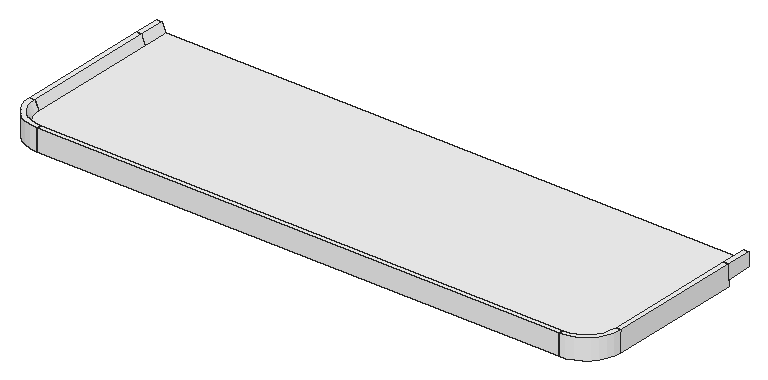
Revit family "shelf 140_430", category Furniture, Revit 2019
Family settings
  OmniClass Number = 23.31.25.00
  Work Plane-Based = No
  Always vertical = Yes
  Cut with Voids When Loaded = No
  Shared = Yes
  Room Calculation Point = No
Parameters (values of type "Shelf 140_430-54144700--MATT_WHITE-400")
  etim7_EC011163 = "EC011163"
  WEIGHT = "0"
  UNSPSC = "301815 | Sanitary ware"
  UNIFORMATII = "E2010 | Fixed Furnishings"
  Shelf 140_430-54144700--MATT_WHITE-400_RX0RY0RZ0TX0TY0TZ0_V = yes
  Shelf 140_430-54144700--MATT_WHITE-200_RX0RY0RZ0TX0TY0TZ0_V = no
  Shelf 140_430-54144670--MATT_BLACK-400_RX0RY0RZ0TX0TY0TZ0_V = no
  Shelf 140_430-54144670--MATT_BLACK-200_RX0RY0RZ0TX0TY0TZ0_V = no
  Shelf 140_430-54144000--CHROME-400_RX0RY0RZ0TX0TY0TZ0_V = no
  Shelf 140_430-54144000--CHROME-200_RX0RY0RZ0TX0TY0TZ0_V = no
  SURFACE = "MATT_WHITE"
  SPECIFICATION = "Surfaces:    - 54144000 Chrome  - 54144670 Matt Black  - 54144700 Matt White      Specification:    null"
  REGIONSET = "Worldwide"
  PRODUCTURL = "https://pro.hansgrohe.com/articledetail--54144000"
  PRODUCTGROUP = "Shelfs"
  PRODUCTFAMILY = "Xelu Q"
  PERMALINK = "54144XXX"
  OMNICLASS = "23-31 25 00 | Toilet and Bath Specialties"
  OBJECTTYPE = "Object (single object)"
  NN = "Shelf 140/430"
  NBSYN = "$BASENUMBER.-$ARTNR.--$SURFACE.-$LODLEVEL."
  NB = "Shelf 140/430-54144700--MATT_WHITE-400"
  NAME = "Xelu Q Shelf 140/430"
  Model = "Shelf 140/430-54144700--MATT_WHITE-400"
  Manufacturer = "Hansgrohe"
  MIdent = "{$CADENAS_DATA/23d-libs/hansgrohe/xelu_furniture/shelf/shelf_140_430.prj},231 {VTYP=3D},{NB=Shelf 140/430-54144700--MATT_WHITE-400},{LINA=Shelf 140/430-54144700--MATT_WHITE-400},{NN=Shelf 140/430},{DATE=13.03.2023 02:04:26},{GEOMDATE=08.03.2023 13:41:28},{VERSION=},{LINEID=10},{WBVAR=LODLEVEL},{WBNUMERIC=}  {NB=Shelf 140/430-54144700--MATT_WHITE-400},{LINA=Shelf 140/430-54144700--MATT_WHITE-400},{KT=DUMMY},{IDNR=1},{ARTNR=54144700},{BASENUMBER=Shelf 140/430},{MODEL=54144XXX},{SURFACE=MATT_WHITE},{LODLEVEL=400},{LODLEVELX='400','400','200','200'},{NAME=Xelu Q Shelf 140/430},{PERMALINK=54144XXX},{OBJECTTYPE=Object (single object)},{BIMOBJECT=Sanitary: Accessories},{PRODUCTFAMILY=Xelu Q},{PRODUCTGROUP=Shelfs},{WEIGHT=0},{DESCRIPTION=Xelu Q Shelf 140/430},{SPECIFICATION=Surfaces:    - 54144000 Chrome  - 54144670 Matt Black  - 54144700 Matt White      Specification:    null},{PRODUCTURL=https://pro.hansgrohe.com/articledetail--54144000},{GTINCODE=4059625458464},{TENDERURL=},{IFC=Furnishing element},{ETIM=EC011163 | Shelf},{UNICLASS2015=},{OMNICLASS=23-31 25 00 | Toilet and Bath Specialties},{MASTERFORMAT=10 28 00 | Toilet, Bath, and Laundry Accessories},{UNSPSC=301815 | Sanitary ware},{UNIFORMATII=E2010 | Fixed Furnishings},{REGIONSET=Worldwide},{DESIGN=Germany},{MANUFACTURER=Germany}"
  MASTERFORMAT = "10 28 00 | Toilet, Bath, and Laundry Accessories"
  LODLEVEL = "400"
  LINA = "Shelf 140/430-54144700--MATT_WHITE-400"
  IFC = "Furnishing element"
  GTINCODE = "4059625458464"
  ETIM = "EC011163 | Shelf"
  DESIGN = "Germany"
  CATALOG = "Hansgrohe"
  BIMOBJECT = "Sanitary: Accessories"
  BASENUMBER = "Shelf 140/430"
  ARTNR = "54144700"
Types (6, lengths in mm): name | Shelf 140_430-54144700--MATT_WHITE-400_RX0RY0RZ0TX0TY0TZ0_V | Shelf 140_430-54144700--MATT_WHITE-200_RX0RY0RZ0TX0TY0TZ0_V | Shelf 140_430-54144670--MATT_BLACK-400_RX0RY0RZ0TX0TY0TZ0_V | Shelf 140_430-54144670--MATT_BLACK-200_RX0RY0RZ0TX0TY0TZ0_V | Shelf 140_430-54144000--CHROME-400_RX0RY0RZ0TX0TY0TZ0_V | Shelf 140_430-54144000--CHROME-200_RX0RY0RZ0TX0TY0TZ0_V | SURFACE | NB | Model | MIdent | LODLEVEL | LINA | ARTNR
  Shelf 140_430-54144000--CHROME-200 | no | no | no | no | no | yes | "CHROME" | "Shelf 140/430-54144000--CHROME-200" | "Shelf 140/430-54144000--CHROME-200" | "{$CADENAS_DATA/23d-libs/hansgrohe/xelu_furniture/shelf/shelf_140_430.prj},223 {VTYP=3D},{NB=Shelf 140/430-54144000--CHROME-200},{LINA=Shelf 140/430-54144000--CHROME-200},{NN=Shelf 140/430},{DATE=13.03.2023 02:04:26},{GEOMDATE=08.03.2023 13:41:28},{VERSION=},{LINEID=30},{WBVAR=LODLEVEL},{WBNUMERIC=}  {NB=Shelf 140/430-54144000--CHROME-200},{LINA=Shelf 140/430-54144000--CHROME-200},{KT=DUMMY},{IDNR=3},{ARTNR=54144000},{BASENUMBER=Shelf 140/430},{MODEL=54144XXX},{SURFACE=CHROME},{LODLEVEL=200},{LODLEVELX='400','400','200','200'},{NAME=Xelu Q Shelf 140/430},{PERMALINK=54144XXX},{OBJECTTYPE=Object (single object)},{BIMOBJECT=Sanitary: Accessories},{PRODUCTFAMILY=Xelu Q},{PRODUCTGROUP=Shelfs},{WEIGHT=0},{DESCRIPTION=Xelu Q Shelf 140/430},{SPECIFICATION=Surfaces:    - 54144000 Chrome  - 54144670 Matt Black  - 54144700 Matt White      Specification:    null},{PRODUCTURL=https://pro.hansgrohe.com/articledetail--54144000},{GTINCODE=4059625458464},{TENDERURL=},{IFC=Furnishing element},{ETIM=EC011163 | Shelf},{UNICLASS2015=},{OMNICLASS=23-31 25 00 | Toilet and Bath Specialties},{MASTERFORMAT=10 28 00 | Toilet, Bath, and Laundry Accessories},{UNSPSC=301815 | Sanitary ware},{UNIFORMATII=E2010 | Fixed Furnishings},{REGIONSET=Worldwide},{DESIGN=Germany},{MANUFACTURER=Germany}" | "200" | "Shelf 140/430-54144000--CHROME-200" | "54144000"
  Shelf 140_430-54144000--CHROME-400 | no | no | no | no | yes | no | "CHROME" | "Shelf 140/430-54144000--CHROME-400" | "Shelf 140/430-54144000--CHROME-400" | "{$CADENAS_DATA/23d-libs/hansgrohe/xelu_furniture/shelf/shelf_140_430.prj},223 {VTYP=3D},{NB=Shelf 140/430-54144000--CHROME-400},{LINA=Shelf 140/430-54144000--CHROME-400},{NN=Shelf 140/430},{DATE=13.03.2023 02:04:26},{GEOMDATE=08.03.2023 13:41:28},{VERSION=},{LINEID=30},{WBVAR=LODLEVEL},{WBNUMERIC=}  {NB=Shelf 140/430-54144000--CHROME-400},{LINA=Shelf 140/430-54144000--CHROME-400},{KT=DUMMY},{IDNR=3},{ARTNR=54144000},{BASENUMBER=Shelf 140/430},{MODEL=54144XXX},{SURFACE=CHROME},{LODLEVEL=400},{LODLEVELX='400','400','200','200'},{NAME=Xelu Q Shelf 140/430},{PERMALINK=54144XXX},{OBJECTTYPE=Object (single object)},{BIMOBJECT=Sanitary: Accessories},{PRODUCTFAMILY=Xelu Q},{PRODUCTGROUP=Shelfs},{WEIGHT=0},{DESCRIPTION=Xelu Q Shelf 140/430},{SPECIFICATION=Surfaces:    - 54144000 Chrome  - 54144670 Matt Black  - 54144700 Matt White      Specification:    null},{PRODUCTURL=https://pro.hansgrohe.com/articledetail--54144000},{GTINCODE=4059625458464},{TENDERURL=},{IFC=Furnishing element},{ETIM=EC011163 | Shelf},{UNICLASS2015=},{OMNICLASS=23-31 25 00 | Toilet and Bath Specialties},{MASTERFORMAT=10 28 00 | Toilet, Bath, and Laundry Accessories},{UNSPSC=301815 | Sanitary ware},{UNIFORMATII=E2010 | Fixed Furnishings},{REGIONSET=Worldwide},{DESIGN=Germany},{MANUFACTURER=Germany}" | "400" | "Shelf 140/430-54144000--CHROME-400" | "54144000"
  Shelf 140_430-54144670--MATT_BLACK-200 | no | no | no | yes | no | no | "MATT_BLACK" | "Shelf 140/430-54144670--MATT_BLACK-200" | "Shelf 140/430-54144670--MATT_BLACK-200" | "{$CADENAS_DATA/23d-libs/hansgrohe/xelu_furniture/shelf/shelf_140_430.prj},231 {VTYP=3D},{NB=Shelf 140/430-54144670--MATT_BLACK-200},{LINA=Shelf 140/430-54144670--MATT_BLACK-200},{NN=Shelf 140/430},{DATE=13.03.2023 02:04:26},{GEOMDATE=08.03.2023 13:41:28},{VERSION=},{LINEID=20},{WBVAR=LODLEVEL},{WBNUMERIC=}  {NB=Shelf 140/430-54144670--MATT_BLACK-200},{LINA=Shelf 140/430-54144670--MATT_BLACK-200},{KT=DUMMY},{IDNR=2},{ARTNR=54144670},{BASENUMBER=Shelf 140/430},{MODEL=54144XXX},{SURFACE=MATT_BLACK},{LODLEVEL=200},{LODLEVELX='400','400','200','200'},{NAME=Xelu Q Shelf 140/430},{PERMALINK=54144XXX},{OBJECTTYPE=Object (single object)},{BIMOBJECT=Sanitary: Accessories},{PRODUCTFAMILY=Xelu Q},{PRODUCTGROUP=Shelfs},{WEIGHT=0},{DESCRIPTION=Xelu Q Shelf 140/430},{SPECIFICATION=Surfaces:    - 54144000 Chrome  - 54144670 Matt Black  - 54144700 Matt White      Specification:    null},{PRODUCTURL=https://pro.hansgrohe.com/articledetail--54144000},{GTINCODE=4059625458464},{TENDERURL=},{IFC=Furnishing element},{ETIM=EC011163 | Shelf},{UNICLASS2015=},{OMNICLASS=23-31 25 00 | Toilet and Bath Specialties},{MASTERFORMAT=10 28 00 | Toilet, Bath, and Laundry Accessories},{UNSPSC=301815 | Sanitary ware},{UNIFORMATII=E2010 | Fixed Furnishings},{REGIONSET=Worldwide},{DESIGN=Germany},{MANUFACTURER=Germany}" | "200" | "Shelf 140/430-54144670--MATT_BLACK-200" | "54144670"
  Shelf 140_430-54144670--MATT_BLACK-400 | no | no | yes | no | no | no | "MATT_BLACK" | "Shelf 140/430-54144670--MATT_BLACK-400" | "Shelf 140/430-54144670--MATT_BLACK-400" | "{$CADENAS_DATA/23d-libs/hansgrohe/xelu_furniture/shelf/shelf_140_430.prj},231 {VTYP=3D},{NB=Shelf 140/430-54144670--MATT_BLACK-400},{LINA=Shelf 140/430-54144670--MATT_BLACK-400},{NN=Shelf 140/430},{DATE=13.03.2023 02:04:26},{GEOMDATE=08.03.2023 13:41:28},{VERSION=},{LINEID=20},{WBVAR=LODLEVEL},{WBNUMERIC=}  {NB=Shelf 140/430-54144670--MATT_BLACK-400},{LINA=Shelf 140/430-54144670--MATT_BLACK-400},{KT=DUMMY},{IDNR=2},{ARTNR=54144670},{BASENUMBER=Shelf 140/430},{MODEL=54144XXX},{SURFACE=MATT_BLACK},{LODLEVEL=400},{LODLEVELX='400','400','200','200'},{NAME=Xelu Q Shelf 140/430},{PERMALINK=54144XXX},{OBJECTTYPE=Object (single object)},{BIMOBJECT=Sanitary: Accessories},{PRODUCTFAMILY=Xelu Q},{PRODUCTGROUP=Shelfs},{WEIGHT=0},{DESCRIPTION=Xelu Q Shelf 140/430},{SPECIFICATION=Surfaces:    - 54144000 Chrome  - 54144670 Matt Black  - 54144700 Matt White      Specification:    null},{PRODUCTURL=https://pro.hansgrohe.com/articledetail--54144000},{GTINCODE=4059625458464},{TENDERURL=},{IFC=Furnishing element},{ETIM=EC011163 | Shelf},{UNICLASS2015=},{OMNICLASS=23-31 25 00 | Toilet and Bath Specialties},{MASTERFORMAT=10 28 00 | Toilet, Bath, and Laundry Accessories},{UNSPSC=301815 | Sanitary ware},{UNIFORMATII=E2010 | Fixed Furnishings},{REGIONSET=Worldwide},{DESIGN=Germany},{MANUFACTURER=Germany}" | "400" | "Shelf 140/430-54144670--MATT_BLACK-400" | "54144670"
  Shelf 140_430-54144700--MATT_WHITE-200 | no | yes | no | no | no | no | "MATT_WHITE" | "Shelf 140/430-54144700--MATT_WHITE-200" | "Shelf 140/430-54144700--MATT_WHITE-200" | "{$CADENAS_DATA/23d-libs/hansgrohe/xelu_furniture/shelf/shelf_140_430.prj},231 {VTYP=3D},{NB=Shelf 140/430-54144700--MATT_WHITE-200},{LINA=Shelf 140/430-54144700--MATT_WHITE-200},{NN=Shelf 140/430},{DATE=13.03.2023 02:04:26},{GEOMDATE=08.03.2023 13:41:28},{VERSION=},{LINEID=10},{WBVAR=LODLEVEL},{WBNUMERIC=}  {NB=Shelf 140/430-54144700--MATT_WHITE-200},{LINA=Shelf 140/430-54144700--MATT_WHITE-200},{KT=DUMMY},{IDNR=1},{ARTNR=54144700},{BASENUMBER=Shelf 140/430},{MODEL=54144XXX},{SURFACE=MATT_WHITE},{LODLEVEL=200},{LODLEVELX='400','400','200','200'},{NAME=Xelu Q Shelf 140/430},{PERMALINK=54144XXX},{OBJECTTYPE=Object (single object)},{BIMOBJECT=Sanitary: Accessories},{PRODUCTFAMILY=Xelu Q},{PRODUCTGROUP=Shelfs},{WEIGHT=0},{DESCRIPTION=Xelu Q Shelf 140/430},{SPECIFICATION=Surfaces:    - 54144000 Chrome  - 54144670 Matt Black  - 54144700 Matt White      Specification:    null},{PRODUCTURL=https://pro.hansgrohe.com/articledetail--54144000},{GTINCODE=4059625458464},{TENDERURL=},{IFC=Furnishing element},{ETIM=EC011163 | Shelf},{UNICLASS2015=},{OMNICLASS=23-31 25 00 | Toilet and Bath Specialties},{MASTERFORMAT=10 28 00 | Toilet, Bath, and Laundry Accessories},{UNSPSC=301815 | Sanitary ware},{UNIFORMATII=E2010 | Fixed Furnishings},{REGIONSET=Worldwide},{DESIGN=Germany},{MANUFACTURER=Germany}" | "200" | "Shelf 140/430-54144700--MATT_WHITE-200" | "54144700"
  Shelf 140_430-54144700--MATT_WHITE-400 | yes | no | no | no | no | no | "MATT_WHITE" | "Shelf 140/430-54144700--MATT_WHITE-400" | "Shelf 140/430-54144700--MATT_WHITE-400" | "{$CADENAS_DATA/23d-libs/hansgrohe/xelu_furniture/shelf/shelf_140_430.prj},231 {VTYP=3D},{NB=Shelf 140/430-54144700--MATT_WHITE-400},{LINA=Shelf 140/430-54144700--MATT_WHITE-400},{NN=Shelf 140/430},{DATE=13.03.2023 02:04:26},{GEOMDATE=08.03.2023 13:41:28},{VERSION=},{LINEID=10},{WBVAR=LODLEVEL},{WBNUMERIC=}  {NB=Shelf 140/430-54144700--MATT_WHITE-400},{LINA=Shelf 140/430-54144700--MATT_WHITE-400},{KT=DUMMY},{IDNR=1},{ARTNR=54144700},{BASENUMBER=Shelf 140/430},{MODEL=54144XXX},{SURFACE=MATT_WHITE},{LODLEVEL=400},{LODLEVELX='400','400','200','200'},{NAME=Xelu Q Shelf 140/430},{PERMALINK=54144XXX},{OBJECTTYPE=Object (single object)},{BIMOBJECT=Sanitary: Accessories},{PRODUCTFAMILY=Xelu Q},{PRODUCTGROUP=Shelfs},{WEIGHT=0},{DESCRIPTION=Xelu Q Shelf 140/430},{SPECIFICATION=Surfaces:    - 54144000 Chrome  - 54144670 Matt Black  - 54144700 Matt White      Specification:    null},{PRODUCTURL=https://pro.hansgrohe.com/articledetail--54144000},{GTINCODE=4059625458464},{TENDERURL=},{IFC=Furnishing element},{ETIM=EC011163 | Shelf},{UNICLASS2015=},{OMNICLASS=23-31 25 00 | Toilet and Bath Specialties},{MASTERFORMAT=10 28 00 | Toilet, Bath, and Laundry Accessories},{UNSPSC=301815 | Sanitary ware},{UNIFORMATII=E2010 | Fixed Furnishings},{REGIONSET=Worldwide},{DESIGN=Germany},{MANUFACTURER=Germany}" | "400" | "Shelf 140/430-54144700--MATT_WHITE-400" | "54144700"
Reference planes
  plane 1 "Center (Front/Back)": y = 0
  plane 2: z = 0
  plane 3 "Center (Left/Right)": x = 0
Dimensions and locks
  aligned and locked: level to plane 2
Nested families
  nested 1: "shelf 140_430-54144000--chrome-200_content" at (0, 0, 0), visible <- "Shelf 140_430-54144000--CHROME-200_RX0RY0RZ0TX0TY0TZ0_V", ContentVisible <- "Shelf 140_430-54144000--CHROME-200_RX0RY0RZ0TX0TY0TZ0_V", type "Shelf 140_430-54144000--CHROME-200_Content"
    with ContentVisible no
  nested 2: "shelf 140_430-54144000--chrome-400_content" at (0, 0, 0), visible <- "Shelf 140_430-54144000--CHROME-400_RX0RY0RZ0TX0TY0TZ0_V", ContentVisible <- "Shelf 140_430-54144000--CHROME-400_RX0RY0RZ0TX0TY0TZ0_V", type "Shelf 140_430-54144000--CHROME-400_Content"
    with ContentVisible no
  nested 3: "shelf 140_430-54144670--matt_black-200_content" at (0, 0, 0), visible <- "Shelf 140_430-54144670--MATT_BLACK-200_RX0RY0RZ0TX0TY0TZ0_V", ContentVisible <- "Shelf 140_430-54144670--MATT_BLACK-200_RX0RY0RZ0TX0TY0TZ0_V", type "Shelf 140_430-54144670--MATT_BLACK-200_Content"
    with ContentVisible no
  nested 4: "shelf 140_430-54144670--matt_black-400_content" at (0, 0, 0), visible <- "Shelf 140_430-54144670--MATT_BLACK-400_RX0RY0RZ0TX0TY0TZ0_V", ContentVisible <- "Shelf 140_430-54144670--MATT_BLACK-400_RX0RY0RZ0TX0TY0TZ0_V", type "Shelf 140_430-54144670--MATT_BLACK-400_Content"
    with ContentVisible no
  nested 5: "shelf 140_430-54144700--matt_white-200_content" at (0, 0, 0), visible <- "Shelf 140_430-54144700--MATT_WHITE-200_RX0RY0RZ0TX0TY0TZ0_V", ContentVisible <- "Shelf 140_430-54144700--MATT_WHITE-200_RX0RY0RZ0TX0TY0TZ0_V", type "Shelf 140_430-54144700--MATT_WHITE-200_Content"
    with ContentVisible no
  nested 6: "shelf 140_430-54144700--matt_white-400_content" at (0, 0, 0), visible <- "Shelf 140_430-54144700--MATT_WHITE-400_RX0RY0RZ0TX0TY0TZ0_V", ContentVisible <- "Shelf 140_430-54144700--MATT_WHITE-400_RX0RY0RZ0TX0TY0TZ0_V", type "Shelf 140_430-54144700--MATT_WHITE-400_Content"
    with ContentVisible yes
Definition of nested family "shelf 140_430-54144700--matt_white-400_content"
  Parameters (values of type "Shelf 140_430-54144700--MATT_WHITE-400_Content")
    etim7_EC011163 = "EC011163"
    WEIGHT = "0"
    UNSPSC = "301815 | Sanitary ware"
    UNIFORMATII = "E2010 | Fixed Furnishings"
    SURFACE = "MATT_WHITE"
    SPECIFICATION = "Surfaces:    - 54144000 Chrome  - 54144670 Matt Black  - 54144700 Matt White      Specification:    null"
    REGIONSET = "Worldwide"
    PRODUCTURL = "https://pro.hansgrohe.com/articledetail--54144000"
    PRODUCTGROUP = "Shelfs"
    PRODUCTFAMILY = "Xelu Q"
    PERMALINK = "54144XXX"
    OMNICLASS = "23-31 25 00 | Toilet and Bath Specialties"
    OBJECTTYPE = "Object (single object)"
    NN = "Shelf 140/430"
    NBSYN = "$BASENUMBER.-$ARTNR.--$SURFACE.-$LODLEVEL."
    NB = "Shelf 140/430-54144700--MATT_WHITE-400"
    NAME = "Xelu Q Shelf 140/430"
    Model = "Shelf 140/430-54144700--MATT_WHITE-400"
    Manufacturer = "Hansgrohe"
    MASTERFORMAT = "10 28 00 | Toilet, Bath, and Laundry Accessories"
    LODLEVEL = "400"
    LINA = "Shelf 140/430-54144700--MATT_WHITE-400"
    IFC = "Furnishing element"
    GTINCODE = "4059625458464"
    ETIM = "EC011163 | Shelf"
    Default Elevation = 1219.2 mm
    DESIGN = "Germany"
    ContentVisible [instance] = yes
    CATALOG = "Hansgrohe"
    BIMOBJECT = "Sanitary: Accessories"
    BASENUMBER = "Shelf 140/430"
    ARTNR = "54144700"
  Reference planes
    plane 1 "Center (Front/Back)": y = 0
    plane 2: z = 0
    plane 3 "Center (Left/Right)": x = 0
  Forms (mm)
    Extrusion 1, solid, visible <- "ContentVisible", detail levels medium+fine
      sketch origin (0, 0, 0) x (1, 0, 0) y (0, 0, -1)
        loop
          line (-214, -5) -> (-214, -15) -> (-210.5, -15) -> (-206, -5) -> (-214, -5)
      from -18 to 0
    Extrusion 2, solid, visible <- "ContentVisible", detail levels medium+fine
      sketch origin (0, -18, 0) x (1, 0, 0) y (0, 0, -1)
        loop
          line (-214, 0) -> (-214, -15) -> (-210.5, -15) -> (-206, -5) -> (-206, 0) -> (-214, 0)
      from -97 to 0
    Revolve 3, solid, visible <- "ContentVisible", detail levels medium+fine
      sketch origin (0, -115, 0) x (1, 0, 0) y (0, 0, -1)
        loop
          line (-214, 0) -> (-214, -15) -> (-210.5, -15) -> (-206, -5) -> (-206, 0) -> (-214, 0)
        axis (-189, 0) -> (-189, -15)
      angle from 0 to 90
    Extrusion 4, solid, visible <- "ContentVisible", detail levels medium+fine
      sketch origin (0, 0, 0) x (0, 0, -1) y (0, 1, 0)
        loop
          line (-15, -136.5) -> (-15, -140) -> (0, -140) -> (0, -132) -> (-5, -132) -> (-15, -136.5)
      from -189 to 189
    Revolve 5, solid, visible <- "ContentVisible", detail levels medium+fine
      sketch origin (189, 0, 0) x (0, 0, -1) y (0, 1, 0)
        loop
          line (-15, -136.5) -> (-15, -140) -> (0, -140) -> (0, -132) -> (-5, -132) -> (-15, -136.5)
        axis (-15, -115) -> (0, -115)
      angle from -90 to 0
    Extrusion 6, solid, visible <- "ContentVisible", detail levels medium+fine
      sketch origin (0, -115, 0) x (1, 0, 0) y (0, 0, -1)
        loop
          line (206, 0) -> (206, -5) -> (210.5, -15) -> (214, -15) -> (214, 0) -> (206, 0)
      from 0 to 97
    Extrusion 7, solid, visible <- "ContentVisible", detail levels medium+fine
      sketch origin (0, -18, 0) x (1, 0, 0) y (0, 0, -1)
        loop
          line (206, -5) -> (210.5, -15) -> (214, -15) -> (214, -5) -> (206, -5)
      from 0 to 18
    Extrusion 8, solid, visible <- "ContentVisible", detail levels medium+fine
      sketch origin (0, 0, 6) x (1, 0, 0) y (0, 1, 0)
        loop
          arc (-207.5, -118.75) -> (-202.74, -130.24) -> (-191.25, -135) r 16.25
          line (-191.25, -135) -> (191.25, -135)
          arc (191.25, -135) -> (202.74, -130.24) -> (207.5, -118.75) r 16.25
          line (207.5, -118.75) -> (207.5, 0) -> (-207.5, 0) -> (-207.5, -118.75)
      from 0 to 3
    Extrusion 9, solid, visible <- "ContentVisible", detail levels coarse
      sketch origin (0, -70, 0) x (1, 0, 0) y (0, 1, 0)
        loop
          line (-214, -70) -> (214, -70) -> (214, 70) -> (-214, 70) -> (-214, -70)
      from 0 to 15
  Dimensions and locks
    aligned and locked: level to plane 2
Definition of nested family "shelf 140_430-54144000--chrome-200_content"
  Parameters (values of type "Shelf 140_430-54144000--CHROME-200_Content")
    etim7_EC011163 = "EC011163"
    WEIGHT = "0"
    UNSPSC = "301815 | Sanitary ware"
    UNIFORMATII = "E2010 | Fixed Furnishings"
    SURFACE = "CHROME"
    SPECIFICATION = "Surfaces:    - 54144000 Chrome  - 54144670 Matt Black  - 54144700 Matt White      Specification:    null"
    REGIONSET = "Worldwide"
    PRODUCTURL = "https://pro.hansgrohe.com/articledetail--54144000"
    PRODUCTGROUP = "Shelfs"
    PRODUCTFAMILY = "Xelu Q"
    PERMALINK = "54144XXX"
    OMNICLASS = "23-31 25 00 | Toilet and Bath Specialties"
    OBJECTTYPE = "Object (single object)"
    NN = "Shelf 140/430"
    NBSYN = "$BASENUMBER.-$ARTNR.--$SURFACE.-$LODLEVEL."
    NB = "Shelf 140/430-54144000--CHROME-200"
    NAME = "Xelu Q Shelf 140/430"
    Model = "Shelf 140/430-54144000--CHROME-200"
    Manufacturer = "Hansgrohe"
    MASTERFORMAT = "10 28 00 | Toilet, Bath, and Laundry Accessories"
    LODLEVEL = "200"
    LINA = "Shelf 140/430-54144000--CHROME-200"
    IFC = "Furnishing element"
    GTINCODE = "4059625458464"
    ETIM = "EC011163 | Shelf"
    Default Elevation = 1219.2 mm
    DESIGN = "Germany"
    ContentVisible [instance] = yes
    CATALOG = "Hansgrohe"
    BIMOBJECT = "Sanitary: Accessories"
    BASENUMBER = "Shelf 140/430"
    ARTNR = "54144000"
  Reference planes
    plane 1 "Center (Front/Back)": y = 0
    plane 2: z = 0
    plane 3 "Center (Left/Right)": x = 0
  Forms (mm)
    Extrusion 1, solid, visible <- "ContentVisible", detail levels medium+fine
      sketch origin (0, 0, 0) x (1, 0, 0) y (0, 0, -1)
        loop
          line (-214, 0) -> (-214, -15) -> (-206, -15) -> (-206, 0) -> (-214, 0)
      from -140 to 0
    Extrusion 2, solid, visible <- "ContentVisible", detail levels medium+fine
      sketch origin (0, 0, 0) x (0, 0, -1) y (0, 1, 0)
        loop
          line (-15, -132) -> (-15, -140) -> (0, -140) -> (0, -132) -> (-15, -132)
      from -214 to 214
    Extrusion 3, solid, visible <- "ContentVisible", detail levels medium+fine
      sketch origin (0, -140, 0) x (1, 0, 0) y (0, 0, -1)
        loop
          line (206, -15) -> (214, -15) -> (214, 0) -> (206, 0) -> (206, -15)
      from 0 to 140
    Extrusion 4, solid, visible <- "ContentVisible", detail levels medium+fine
      sketch origin (0, 0, 6) x (1, 0, 0) y (0, 1, 0)
        loop
          line (-207.5, -135) -> (207.5, -135) -> (207.5, 0) -> (-207.5, 0) -> (-207.5, -135)
      from 0 to 3
    Extrusion 5, solid, visible <- "ContentVisible", detail levels coarse
      sketch origin (0, -70, 0) x (1, 0, 0) y (0, 1, 0)
        loop
          line (-214, -70) -> (214, -70) -> (214, 70) -> (-214, 70) -> (-214, -70)
      from 0 to 15
  Dimensions and locks
    aligned and locked: level to plane 2
Definition of nested family "shelf 140_430-54144000--chrome-400_content"
  Parameters (values of type "Shelf 140_430-54144000--CHROME-400_Content")
    etim7_EC011163 = "EC011163"
    WEIGHT = "0"
    UNSPSC = "301815 | Sanitary ware"
    UNIFORMATII = "E2010 | Fixed Furnishings"
    SURFACE = "CHROME"
    SPECIFICATION = "Surfaces:    - 54144000 Chrome  - 54144670 Matt Black  - 54144700 Matt White      Specification:    null"
    REGIONSET = "Worldwide"
    PRODUCTURL = "https://pro.hansgrohe.com/articledetail--54144000"
    PRODUCTGROUP = "Shelfs"
    PRODUCTFAMILY = "Xelu Q"
    PERMALINK = "54144XXX"
    OMNICLASS = "23-31 25 00 | Toilet and Bath Specialties"
    OBJECTTYPE = "Object (single object)"
    NN = "Shelf 140/430"
    NBSYN = "$BASENUMBER.-$ARTNR.--$SURFACE.-$LODLEVEL."
    NB = "Shelf 140/430-54144000--CHROME-400"
    NAME = "Xelu Q Shelf 140/430"
    Model = "Shelf 140/430-54144000--CHROME-400"
    Manufacturer = "Hansgrohe"
    MASTERFORMAT = "10 28 00 | Toilet, Bath, and Laundry Accessories"
    LODLEVEL = "400"
    LINA = "Shelf 140/430-54144000--CHROME-400"
    IFC = "Furnishing element"
    GTINCODE = "4059625458464"
    ETIM = "EC011163 | Shelf"
    Default Elevation = 1219.2 mm
    DESIGN = "Germany"
    ContentVisible [instance] = yes
    CATALOG = "Hansgrohe"
    BIMOBJECT = "Sanitary: Accessories"
    BASENUMBER = "Shelf 140/430"
    ARTNR = "54144000"
  Reference planes
    plane 1 "Center (Front/Back)": y = 0
    plane 2: z = 0
    plane 3 "Center (Left/Right)": x = 0
  Forms (mm)
    Extrusion 1, solid, visible <- "ContentVisible", detail levels medium+fine
      sketch origin (0, 0, 0) x (1, 0, 0) y (0, 0, -1)
        loop
          line (-214, -5) -> (-214, -15) -> (-210.5, -15) -> (-206, -5) -> (-214, -5)
      from -18 to 0
    Extrusion 2, solid, visible <- "ContentVisible", detail levels medium+fine
      sketch origin (0, -18, 0) x (1, 0, 0) y (0, 0, -1)
        loop
          line (-214, 0) -> (-214, -15) -> (-210.5, -15) -> (-206, -5) -> (-206, 0) -> (-214, 0)
      from -97 to 0
    Revolve 3, solid, visible <- "ContentVisible", detail levels medium+fine
      sketch origin (0, -115, 0) x (1, 0, 0) y (0, 0, -1)
        loop
          line (-214, 0) -> (-214, -15) -> (-210.5, -15) -> (-206, -5) -> (-206, 0) -> (-214, 0)
        axis (-189, 0) -> (-189, -15)
      angle from 0 to 90
    Extrusion 4, solid, visible <- "ContentVisible", detail levels medium+fine
      sketch origin (0, 0, 0) x (0, 0, -1) y (0, 1, 0)
        loop
          line (-15, -136.5) -> (-15, -140) -> (0, -140) -> (0, -132) -> (-5, -132) -> (-15, -136.5)
      from -189 to 189
    Revolve 5, solid, visible <- "ContentVisible", detail levels medium+fine
      sketch origin (189, 0, 0) x (0, 0, -1) y (0, 1, 0)
        loop
          line (-15, -136.5) -> (-15, -140) -> (0, -140) -> (0, -132) -> (-5, -132) -> (-15, -136.5)
        axis (-15, -115) -> (0, -115)
      angle from -90 to 0
    Extrusion 6, solid, visible <- "ContentVisible", detail levels medium+fine
      sketch origin (0, -115, 0) x (1, 0, 0) y (0, 0, -1)
        loop
          line (206, 0) -> (206, -5) -> (210.5, -15) -> (214, -15) -> (214, 0) -> (206, 0)
      from 0 to 97
    Extrusion 7, solid, visible <- "ContentVisible", detail levels medium+fine
      sketch origin (0, -18, 0) x (1, 0, 0) y (0, 0, -1)
        loop
          line (206, -5) -> (210.5, -15) -> (214, -15) -> (214, -5) -> (206, -5)
      from 0 to 18
    Extrusion 8, solid, visible <- "ContentVisible", detail levels medium+fine
      sketch origin (0, 0, 6) x (1, 0, 0) y (0, 1, 0)
        loop
          arc (-207.5, -118.75) -> (-202.74, -130.24) -> (-191.25, -135) r 16.25
          line (-191.25, -135) -> (191.25, -135)
          arc (191.25, -135) -> (202.74, -130.24) -> (207.5, -118.75) r 16.25
          line (207.5, -118.75) -> (207.5, 0) -> (-207.5, 0) -> (-207.5, -118.75)
      from 0 to 3
    Extrusion 9, solid, visible <- "ContentVisible", detail levels coarse
      sketch origin (0, -70, 0) x (1, 0, 0) y (0, 1, 0)
        loop
          line (-214, -70) -> (214, -70) -> (214, 70) -> (-214, 70) -> (-214, -70)
      from 0 to 15
  Dimensions and locks
    aligned and locked: level to plane 2
Definition of nested family "shelf 140_430-54144670--matt_black-200_content"
  Parameters (values of type "Shelf 140_430-54144670--MATT_BLACK-200_Content")
    etim7_EC011163 = "EC011163"
    WEIGHT = "0"
    UNSPSC = "301815 | Sanitary ware"
    UNIFORMATII = "E2010 | Fixed Furnishings"
    SURFACE = "MATT_BLACK"
    SPECIFICATION = "Surfaces:    - 54144000 Chrome  - 54144670 Matt Black  - 54144700 Matt White      Specification:    null"
    REGIONSET = "Worldwide"
    PRODUCTURL = "https://pro.hansgrohe.com/articledetail--54144000"
    PRODUCTGROUP = "Shelfs"
    PRODUCTFAMILY = "Xelu Q"
    PERMALINK = "54144XXX"
    OMNICLASS = "23-31 25 00 | Toilet and Bath Specialties"
    OBJECTTYPE = "Object (single object)"
    NN = "Shelf 140/430"
    NBSYN = "$BASENUMBER.-$ARTNR.--$SURFACE.-$LODLEVEL."
    NB = "Shelf 140/430-54144670--MATT_BLACK-200"
    NAME = "Xelu Q Shelf 140/430"
    Model = "Shelf 140/430-54144670--MATT_BLACK-200"
    Manufacturer = "Hansgrohe"
    MASTERFORMAT = "10 28 00 | Toilet, Bath, and Laundry Accessories"
    LODLEVEL = "200"
    LINA = "Shelf 140/430-54144670--MATT_BLACK-200"
    IFC = "Furnishing element"
    GTINCODE = "4059625458464"
    ETIM = "EC011163 | Shelf"
    Default Elevation = 1219.2 mm
    DESIGN = "Germany"
    ContentVisible [instance] = yes
    CATALOG = "Hansgrohe"
    BIMOBJECT = "Sanitary: Accessories"
    BASENUMBER = "Shelf 140/430"
    ARTNR = "54144670"
  Reference planes
    plane 1 "Center (Front/Back)": y = 0
    plane 2: z = 0
    plane 3 "Center (Left/Right)": x = 0
  Forms (mm)
    Extrusion 1, solid, visible <- "ContentVisible", detail levels medium+fine
      sketch origin (0, 0, 0) x (1, 0, 0) y (0, 0, -1)
        loop
          line (-214, 0) -> (-214, -15) -> (-206, -15) -> (-206, 0) -> (-214, 0)
      from -140 to 0
    Extrusion 2, solid, visible <- "ContentVisible", detail levels medium+fine
      sketch origin (0, 0, 0) x (0, 0, -1) y (0, 1, 0)
        loop
          line (-15, -132) -> (-15, -140) -> (0, -140) -> (0, -132) -> (-15, -132)
      from -214 to 214
    Extrusion 3, solid, visible <- "ContentVisible", detail levels medium+fine
      sketch origin (0, -140, 0) x (1, 0, 0) y (0, 0, -1)
        loop
          line (206, -15) -> (214, -15) -> (214, 0) -> (206, 0) -> (206, -15)
      from 0 to 140
    Extrusion 4, solid, visible <- "ContentVisible", detail levels medium+fine
      sketch origin (0, 0, 6) x (1, 0, 0) y (0, 1, 0)
        loop
          line (-207.5, -135) -> (207.5, -135) -> (207.5, 0) -> (-207.5, 0) -> (-207.5, -135)
      from 0 to 3
    Extrusion 5, solid, visible <- "ContentVisible", detail levels coarse
      sketch origin (0, -70, 0) x (1, 0, 0) y (0, 1, 0)
        loop
          line (-214, -70) -> (214, -70) -> (214, 70) -> (-214, 70) -> (-214, -70)
      from 0 to 15
  Dimensions and locks
    aligned and locked: level to plane 2
Definition of nested family "shelf 140_430-54144670--matt_black-400_content"
  Parameters (values of type "Shelf 140_430-54144670--MATT_BLACK-400_Content")
    etim7_EC011163 = "EC011163"
    WEIGHT = "0"
    UNSPSC = "301815 | Sanitary ware"
    UNIFORMATII = "E2010 | Fixed Furnishings"
    SURFACE = "MATT_BLACK"
    SPECIFICATION = "Surfaces:    - 54144000 Chrome  - 54144670 Matt Black  - 54144700 Matt White      Specification:    null"
    REGIONSET = "Worldwide"
    PRODUCTURL = "https://pro.hansgrohe.com/articledetail--54144000"
    PRODUCTGROUP = "Shelfs"
    PRODUCTFAMILY = "Xelu Q"
    PERMALINK = "54144XXX"
    OMNICLASS = "23-31 25 00 | Toilet and Bath Specialties"
    OBJECTTYPE = "Object (single object)"
    NN = "Shelf 140/430"
    NBSYN = "$BASENUMBER.-$ARTNR.--$SURFACE.-$LODLEVEL."
    NB = "Shelf 140/430-54144670--MATT_BLACK-400"
    NAME = "Xelu Q Shelf 140/430"
    Model = "Shelf 140/430-54144670--MATT_BLACK-400"
    Manufacturer = "Hansgrohe"
    MASTERFORMAT = "10 28 00 | Toilet, Bath, and Laundry Accessories"
    LODLEVEL = "400"
    LINA = "Shelf 140/430-54144670--MATT_BLACK-400"
    IFC = "Furnishing element"
    GTINCODE = "4059625458464"
    ETIM = "EC011163 | Shelf"
    Default Elevation = 1219.2 mm
    DESIGN = "Germany"
    ContentVisible [instance] = yes
    CATALOG = "Hansgrohe"
    BIMOBJECT = "Sanitary: Accessories"
    BASENUMBER = "Shelf 140/430"
    ARTNR = "54144670"
  Reference planes
    plane 1 "Center (Front/Back)": y = 0
    plane 2: z = 0
    plane 3 "Center (Left/Right)": x = 0
  Forms (mm)
    Extrusion 1, solid, visible <- "ContentVisible", detail levels medium+fine
      sketch origin (0, 0, 0) x (1, 0, 0) y (0, 0, -1)
        loop
          line (-214, -5) -> (-214, -15) -> (-210.5, -15) -> (-206, -5) -> (-214, -5)
      from -18 to 0
    Extrusion 2, solid, visible <- "ContentVisible", detail levels medium+fine
      sketch origin (0, -18, 0) x (1, 0, 0) y (0, 0, -1)
        loop
          line (-214, 0) -> (-214, -15) -> (-210.5, -15) -> (-206, -5) -> (-206, 0) -> (-214, 0)
      from -97 to 0
    Revolve 3, solid, visible <- "ContentVisible", detail levels medium+fine
      sketch origin (0, -115, 0) x (1, 0, 0) y (0, 0, -1)
        loop
          line (-214, 0) -> (-214, -15) -> (-210.5, -15) -> (-206, -5) -> (-206, 0) -> (-214, 0)
        axis (-189, 0) -> (-189, -15)
      angle from 0 to 90
    Extrusion 4, solid, visible <- "ContentVisible", detail levels medium+fine
      sketch origin (0, 0, 0) x (0, 0, -1) y (0, 1, 0)
        loop
          line (-15, -136.5) -> (-15, -140) -> (0, -140) -> (0, -132) -> (-5, -132) -> (-15, -136.5)
      from -189 to 189
    Revolve 5, solid, visible <- "ContentVisible", detail levels medium+fine
      sketch origin (189, 0, 0) x (0, 0, -1) y (0, 1, 0)
        loop
          line (-15, -136.5) -> (-15, -140) -> (0, -140) -> (0, -132) -> (-5, -132) -> (-15, -136.5)
        axis (-15, -115) -> (0, -115)
      angle from -90 to 0
    Extrusion 6, solid, visible <- "ContentVisible", detail levels medium+fine
      sketch origin (0, -115, 0) x (1, 0, 0) y (0, 0, -1)
        loop
          line (206, 0) -> (206, -5) -> (210.5, -15) -> (214, -15) -> (214, 0) -> (206, 0)
      from 0 to 97
    Extrusion 7, solid, visible <- "ContentVisible", detail levels medium+fine
      sketch origin (0, -18, 0) x (1, 0, 0) y (0, 0, -1)
        loop
          line (206, -5) -> (210.5, -15) -> (214, -15) -> (214, -5) -> (206, -5)
      from 0 to 18
    Extrusion 8, solid, visible <- "ContentVisible", detail levels medium+fine
      sketch origin (0, 0, 6) x (1, 0, 0) y (0, 1, 0)
        loop
          arc (-207.5, -118.75) -> (-202.74, -130.24) -> (-191.25, -135) r 16.25
          line (-191.25, -135) -> (191.25, -135)
          arc (191.25, -135) -> (202.74, -130.24) -> (207.5, -118.75) r 16.25
          line (207.5, -118.75) -> (207.5, 0) -> (-207.5, 0) -> (-207.5, -118.75)
      from 0 to 3
    Extrusion 9, solid, visible <- "ContentVisible", detail levels coarse
      sketch origin (0, -70, 0) x (1, 0, 0) y (0, 1, 0)
        loop
          line (-214, -70) -> (214, -70) -> (214, 70) -> (-214, 70) -> (-214, -70)
      from 0 to 15
  Dimensions and locks
    aligned and locked: level to plane 2
Definition of nested family "shelf 140_430-54144700--matt_white-200_content"
  Parameters (values of type "Shelf 140_430-54144700--MATT_WHITE-200_Content")
    etim7_EC011163 = "EC011163"
    WEIGHT = "0"
    UNSPSC = "301815 | Sanitary ware"
    UNIFORMATII = "E2010 | Fixed Furnishings"
    SURFACE = "MATT_WHITE"
    SPECIFICATION = "Surfaces:    - 54144000 Chrome  - 54144670 Matt Black  - 54144700 Matt White      Specification:    null"
    REGIONSET = "Worldwide"
    PRODUCTURL = "https://pro.hansgrohe.com/articledetail--54144000"
    PRODUCTGROUP = "Shelfs"
    PRODUCTFAMILY = "Xelu Q"
    PERMALINK = "54144XXX"
    OMNICLASS = "23-31 25 00 | Toilet and Bath Specialties"
    OBJECTTYPE = "Object (single object)"
    NN = "Shelf 140/430"
    NBSYN = "$BASENUMBER.-$ARTNR.--$SURFACE.-$LODLEVEL."
    NB = "Shelf 140/430-54144700--MATT_WHITE-200"
    NAME = "Xelu Q Shelf 140/430"
    Model = "Shelf 140/430-54144700--MATT_WHITE-200"
    Manufacturer = "Hansgrohe"
    MASTERFORMAT = "10 28 00 | Toilet, Bath, and Laundry Accessories"
    LODLEVEL = "200"
    LINA = "Shelf 140/430-54144700--MATT_WHITE-200"
    IFC = "Furnishing element"
    GTINCODE = "4059625458464"
    ETIM = "EC011163 | Shelf"
    Default Elevation = 1219.2 mm
    DESIGN = "Germany"
    ContentVisible [instance] = yes
    CATALOG = "Hansgrohe"
    BIMOBJECT = "Sanitary: Accessories"
    BASENUMBER = "Shelf 140/430"
    ARTNR = "54144700"
  Reference planes
    plane 1 "Center (Front/Back)": y = 0
    plane 2: z = 0
    plane 3 "Center (Left/Right)": x = 0
  Forms (mm)
    Extrusion 1, solid, visible <- "ContentVisible", detail levels medium+fine
      sketch origin (0, 0, 0) x (1, 0, 0) y (0, 0, -1)
        loop
          line (-214, 0) -> (-214, -15) -> (-206, -15) -> (-206, 0) -> (-214, 0)
      from -140 to 0
    Extrusion 2, solid, visible <- "ContentVisible", detail levels medium+fine
      sketch origin (0, 0, 0) x (0, 0, -1) y (0, 1, 0)
        loop
          line (-15, -132) -> (-15, -140) -> (0, -140) -> (0, -132) -> (-15, -132)
      from -214 to 214
    Extrusion 3, solid, visible <- "ContentVisible", detail levels medium+fine
      sketch origin (0, -140, 0) x (1, 0, 0) y (0, 0, -1)
        loop
          line (206, -15) -> (214, -15) -> (214, 0) -> (206, 0) -> (206, -15)
      from 0 to 140
    Extrusion 4, solid, visible <- "ContentVisible", detail levels medium+fine
      sketch origin (0, 0, 6) x (1, 0, 0) y (0, 1, 0)
        loop
          line (-207.5, -135) -> (207.5, -135) -> (207.5, 0) -> (-207.5, 0) -> (-207.5, -135)
      from 0 to 3
    Extrusion 5, solid, visible <- "ContentVisible", detail levels coarse
      sketch origin (0, -70, 0) x (1, 0, 0) y (0, 1, 0)
        loop
          line (-214, -70) -> (214, -70) -> (214, 70) -> (-214, 70) -> (-214, -70)
      from 0 to 15
  Dimensions and locks
    aligned and locked: level to plane 2
